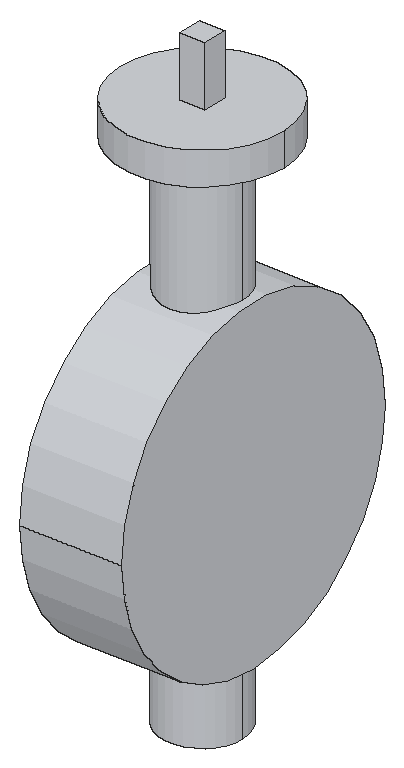
Revit family "HS497-68_disk-nerez_volné vřeteno DN125-RFA_2018", category Pipe Accessories, Revit 2018
Family settings
  Round Connector Dimension = Use Diameter
  Part Type = Valve - Breaks Into
  Work Plane-Based = No
  Always vertical = Yes
  Cut with Voids When Loaded = No
  Shared = No
Parameters (values of type "HS 497-68_DN125_PN16_volné vřeteno")
  magiProductId = "0d813d910fc14f628bb3c2efbd185c"
  magiProductFamilyId = "53cea81e6f374d17b8841d9c72ad77"
  magiPartTypeId = 305
  isMeasuringValve [instance] = no
  ang2D [instance] = 0.00°
  X11 = 61.456 mm
  X1 = 25.456 mm
  W2D = 1000 mm
  VersionID = "2.0/2017.9.26.1/ZETKAMA_497_001"
  Use Minimum Symbol Size [instance] = yes
  URL = "http://www.hydronic.cz"
  Type Comments = "mezipřírubová; nerezový disk; PN16; -10~+110°C (krátkodobě +120°C)"
  SW30 = no
  SW3 = no
  SW21 = no
  SW20 = no
  SW2 = no
  SW1 = yes
  R = 62.5 mm
  QmdConnectorList = "301;D;302;D"
  Productdata [instance] = ""
  NC = 50 mm
  Manufacturer = "Hydronic Systems Prague s.r.o."
  MM20 = 25.456 mm
  MC Product Code = "124 125 (nerezový disk, s volným vřetenem; DN125; PN16, kvs872)"
  M41 = 66 mm
  M4 = 44 mm
  LHL = 220 mm
  LHH3 = 2.45 mm
  LHH1 = 46.55 mm
  LH1 = 73.333 mm
  L4R__ve = -L4R  # -12.8 mm
  L4R = 12.8 mm
  L42__ve = -L42  # -96 mm
  L42 = 96 mm
  L41__ve = -L41  # -19.2 mm
  L41 = 19.2 mm
  L2D_Min = 3048 mm
  L2D = 216 mm
  L2 = 28 mm
  L1 = 44.8 mm
  L = 56 mm
  H = 33 mm
  G22 = 11.25 mm
  G2 = 22.5 mm
  G1 = 90 mm
  G = 90 mm
  F = 14 mm
  E44 = 31.25 mm
  E42 = 62.5 mm
  E4 = 125 mm
  E23 = 4.9 mm
  E22 = 19.6 mm
  E21 = 9.8 mm
  Description = "Mezipřírubová uzavírací klapka s volným vřetenem; nerezový disk, DN125; PN16; kvs872"
  DR2 = 62.5 mm
  DR = 180 mm
  DD1 = 15.625 mm
  DD = 12.5 mm
  D = 125 mm
  CAT0 = yes
  B2__ve = -B2  # -64 mm
  B2 = 64 mm
  A2 = 18 mm
  A1 = 99.5 mm
Types (43, lengths in mm): name | magiProductId | X11 | X1 | Type Comments | SW30 | SW3 | SW20 | SW2 | SW1 | R | NC | Manufacturer | MM20 | MC Product Code | M41 | M4 | LHL | LHH3 | LHH1 | LH1 | L4R__ve | L4R | L42__ve | L42 | L41__ve | L41 | L2 | L1 | L | H | G | F | E44 | E42 | E4 | E23 | E22 | E21 | Description | DR2 | DR | DD1 | DD | D | B2__ve | B2 | A2 | A1
  HS 497-68_DN100_PN16_volné vřeteno | "65d1b245f4f142c78569c0602d5754" | 61.456 | 25.456 | "mezipřírubová; nerezový disk; PN16; -10~+110°C (krátkodobě +120°C)" | no | no | no | no | yes | 50 | 50 | "Hydronic Systems Prague s.r.o." | 25.456 | "124 100 (nerezový disk, s volným vřetenem; DN100; PN16, kvs512)" | 66 | 44 | 220 | 2.45 | 46.55 | 73.333 | -12.8 | 12.8 | -96 | 96 | -19.2 | 19.2 | 26 | 41.6 | 52 | 30 | 90 | 11 | 31.25 | 62.5 | 125 | 4.9 | 19.6 | 9.8 | "Mezipřírubová uzavírací klapka s volným vřetenem; nerezový disk, DN100; PN16; kvs512" | 50 | 147 | 15.625 | 12.5 | 100 | -56 | 56 | 16.5 | 98.5
  HS 497-68_DN100_PN16_převodové kolo | "11e91b807e674d428c8e796fcdcfe2" | 61.456 | 25.456 | "mezipřírubová; nerezový disk; PN16; -10~+110°C (krátkodobě +120°C)" | yes | yes | no | no | no | 50 | 50 | "Hydronic Systems Prague s.r.o." | 25.456 | "126 100 (nerezový disk, s převodovým kolem; DN100; PN16, kvs512)" | 65.25 | 43.5 | 220 | 2.45 | 46.55 | 73.333 | -12.8 | 12.8 | -96 | 96 | -19.2 | 19.2 | 26 | 41.6 | 52 | 30 | 90 | 11 | 31.25 | 62.5 | 125 | 4.9 | 19.6 | 9.8 | "Mezipřírubová uzavírací klapka s převodovým kolem; nerezový disk, DN100; PN16; kvs512" | 50 | 147 | 15.625 | 12.5 | 100 | -56 | 56 | 16.5 | 98.5
  HS 497-68_DN100_PN16_s pákou | "28172f0b3f4b47b28323ac71cf8749" | 61.456 | 25.456 | "mezipřírubová; nerezový disk; PN16; -10~+110°C (krátkodobě +120°C)" | no | no | yes | yes | no | 50 | 50 | "Hydronic Systems Prague s.r.o." | 25.456 | "121 100 (nerezový disk, s pákou; DN100; PN16, kvs512)" | 66 | 44 | 260 | 3 | 57 | 86.667 | -12.8 | 12.8 | -96 | 96 | -19.2 | 19.2 | 26 | 41.6 | 52 | 30 | 90 | 11 | 31.25 | 62.5 | 125 | 6 | 24 | 12 | "Mezipřírubová uzavírací klapka s pákou; nerezový disk, DN100; PN16; kvs512" | 50 | 147 | 15.625 | 12.5 | 100 | -56 | 56 | 16.5 | 98.5
  HS 497-68_DN125_PN16_volné vřeteno | "0d813d910fc14f628bb3c2efbd185c" | 61.456 | 25.456 | "mezipřírubová; nerezový disk; PN16; -10~+110°C (krátkodobě +120°C)" | no | no | no | no | yes | 62.5 | 50 | "Hydronic Systems Prague s.r.o." | 25.456 | "124 125 (nerezový disk, s volným vřetenem; DN125; PN16, kvs872)" | 66 | 44 | 220 | 2.45 | 46.55 | 73.333 | -12.8 | 12.8 | -96 | 96 | -19.2 | 19.2 | 28 | 44.8 | 56 | 33 | 90 | 14 | 31.25 | 62.5 | 125 | 4.9 | 19.6 | 9.8 | "Mezipřírubová uzavírací klapka s volným vřetenem; nerezový disk, DN125; PN16; kvs872" | 62.5 | 180 | 15.625 | 12.5 | 125 | -64 | 64 | 18 | 99.5
  HS 497-68_DN125_PN16_převodové kolo | "c56b7c13f372467684996fb1e0e229" | 61.456 | 25.456 | "mezipřírubová; nerezový disk; PN16; -10~+110°C (krátkodobě +120°C)" | yes | yes | no | no | no | 62.5 | 50 | "Hydronic Systems Prague s.r.o." | 25.456 | "126125 (nerezový disk, s převodovým kolem; DN125; PN16, kvs872)" | 65.25 | 43.5 | 220 | 2.45 | 46.55 | 73.333 | -13.5 | 13.5 | -101.25 | 101.25 | -20.25 | 20.25 | 28 | 44.8 | 56 | 33 | 90 | 14 | 40 | 80 | 160 | 4.9 | 19.6 | 9.8 | "Mezipřírubová uzavírací klapka s převodovým kolem; nerezový disk, DN125; PN16; kvs872" | 62.5 | 180 | 20 | 16 | 125 | -64 | 64 | 18 | 99.5
  HS 497-68_DN125_PN16_s pákou | "105993c79a91492399feef7931321a" | 61.456 | 25.456 | "mezipřírubová; nerezový disk; PN16; -10~+110°C (krátkodobě +120°C)" | no | no | yes | yes | no | 62.5 | 50 | "Hydronic Systems Prague s.r.o." | 25.456 | "121 125 (nerezový disk, s pákou; DN125; PN16, kvs872)" | 66 | 44 | 315 | 3.75 | 71.25 | 105 | -12.8 | 12.8 | -96 | 96 | -19.2 | 19.2 | 28 | 44.8 | 56 | 33 | 90 | 14 | 31.25 | 62.5 | 125 | 7.5 | 30 | 15 | "Mezipřírubová uzavírací klapka s pákou; nerezový disk, DN125; PN16; kvs872" | 62.5 | 180 | 15.625 | 12.5 | 125 | -64 | 64 | 18 | 99.5
  HS 497-68_DN150_PN16_volné vřeteno | "50c80cb8ab434f55ab7796e5ac1331" | 61.456 | 25.456 | "mezipřírubová; nerezový disk; PN16; -10~+110°C (krátkodobě +120°C)" | no | no | no | no | yes | 75 | 50 | "Hydronic Systems Prague s.r.o." | 25.456 | "124 150 (nerezový disk, s volným vřetenem; DN150; PN16, kvs1347)" | 66 | 44 | 220 | 2.45 | 46.55 | 73.333 | -12.8 | 12.8 | -96 | 96 | -19.2 | 19.2 | 28 | 44.8 | 56 | 33 | 90 | 14 | 31.25 | 62.5 | 125 | 4.9 | 19.6 | 9.8 | "Mezipřírubová uzavírací klapka s volným vřetenem; nerezový disk, DN150; PN16; kvs1347" | 75 | 206 | 15.625 | 12.5 | 150 | -58 | 58 | 19.3 | 98.7
  HS 497-68_DN150_PN16_převodové kolo | "d94a1a0cf83b476eb10011b327f709" | 61.456 | 25.456 | "mezipřírubová; nerezový disk; PN16; -10~+110°C (krátkodobě +120°C)" | yes | yes | no | no | no | 75 | 50 | "Hydronic Systems Prague s.r.o." | 25.456 | "126 150 (nerezový disk, s převodovým kolem; DN150; PN16, kvs1347)" | 65.25 | 43.5 | 220 | 2.45 | 46.55 | 73.333 | -13.5 | 13.5 | -101.25 | 101.25 | -20.25 | 20.25 | 28 | 44.8 | 56 | 33 | 90 | 14 | 40 | 80 | 160 | 4.9 | 19.6 | 9.8 | "Mezipřírubová uzavírací klapka s převodovým kolem; nerezový disk, DN150; PN16; kvs1347" | 75 | 206 | 20 | 16 | 150 | -58 | 58 | 19.3 | 98.7
  HS 497-68_DN150_PN16_s pákou | "4d2835523fe84828bc50ff0a5a0dfb" | 61.456 | 25.456 | "mezipřírubová; nerezový disk; PN16; -10~+110°C (krátkodobě +120°C)" | no | no | yes | yes | no | 75 | 50 | "Hydronic Systems Prague s.r.o." | 25.456 | "121 150 (nerezový disk, s pákou; DN150; PN16, kvs1347)" | 66 | 44 | 315 | 3.75 | 71.25 | 105 | -12.8 | 12.8 | -96 | 96 | -19.2 | 19.2 | 28 | 44.8 | 56 | 33 | 90 | 14 | 31.25 | 62.5 | 125 | 7.5 | 30 | 15 | "Mezipřírubová uzavírací klapka s pákou; nerezový disk, DN150; PN16; kvs1347" | 75 | 206 | 15.625 | 12.5 | 150 | -58 | 58 | 19.3 | 98.7
  HS 497-68_DN200_PN16_volné vřeteno | "5b29029eaeba47139ee1055a4b9201" | 61.456 | 25.456 | "mezipřírubová; nerezový disk; PN16; -10~+110°C (krátkodobě +120°C)" | no | no | no | no | yes | 100 | 50 | "Hydronic Systems Prague s.r.o." | 25.456 | "124 200 (nerezový disk, s volným vřetenem; DN200; PN16, kvs2675)" | 66 | 44 | 220 | 2.45 | 46.55 | 73.333 | -12.8 | 12.8 | -96 | 96 | -19.2 | 19.2 | 30 | 48 | 60 | 33 | 90 | 17 | 31.25 | 62.5 | 125 | 4.9 | 19.6 | 9.8 | "Mezipřírubová uzavírací klapka s volným vřetenem; nerezový disk, DN200; PN16; kvs2675" | 100 | 257 | 15.625 | 12.5 | 200 | -70 | 70 | 22.5 | 102.5
  HS 497-68_DN200_PN16_převodové kolo | "b2793cc1fcc44cf2a35062cd67c04f" | 61.456 | 25.456 | "mezipřírubová; nerezový disk; PN16; -10~+110°C (krátkodobě +120°C)" | yes | yes | no | no | no | 100 | 57 | "Hydronic Systems Prague s.r.o." | 25.456 | "126 200 (nerezový disk, s převodovým kolem; DN200; PN16, kvs2675)" | 78.75 | 52.5 | 220 | 2.45 | 46.55 | 73.333 | -15.2 | 15.2 | -114 | 114 | -22.8 | 22.8 | 30 | 48 | 60 | 33 | 90 | 17 | 50 | 100 | 200 | 4.9 | 19.6 | 9.8 | "Mezipřírubová uzavírací klapka s převodovým kolem; nerezový disk, DN200; PN16; kvs2675" | 100 | 257 | 25 | 20 | 200 | -70 | 70 | 22.5 | 102.5
  HS 497-68_DN200_PN16_s pákou | "f88d96c7af224537a51e72d7d8fffe" | 61.456 | 25.456 | "mezipřírubová; nerezový disk; PN16; -10~+110°C (krátkodobě +120°C)" | no | no | yes | yes | no | 100 | 50 | "Hydronic Systems Prague s.r.o." | 25.456 | "121 200 (nerezový disk, s pákou; DN200; PN16, kvs2675)" | 66 | 44 | 315 | 3.75 | 71.25 | 105 | -12.8 | 12.8 | -96 | 96 | -19.2 | 19.2 | 30 | 48 | 60 | 33 | 90 | 17 | 31.25 | 62.5 | 125 | 7.5 | 30 | 15 | "Mezipřírubová uzavírací klapka s pákou; nerezový disk, DN200; PN16; kvs2675" | 100 | 257 | 15.625 | 12.5 | 200 | -70 | 70 | 22.5 | 102.5
  HS 497-68_DN250_PN16_volné vřeteno | "b662e8305ca2402b9c510e66e6aa55" | 88.77 | 36.77 | "mezipřírubová; nerezový disk; PN16; -10~+110°C (krátkodobě +120°C)" | no | no | no | no | yes | 125 | 50 | "Hydronic Systems Prague s.r.o." | 36.77 | "124 250 (nerezový disk, s volným vřetenem; DN250; PN16, kvs4555)" | 66 | 44 | 220 | 2.45 | 46.55 | 73.333 | -12.8 | 12.8 | -96 | 96 | -19.2 | 19.2 | 34 | 54.4 | 68 | 23 | 130 | 22 | 31.25 | 62.5 | 125 | 4.9 | 19.6 | 9.8 | "Mezipřírubová uzavírací klapka s volným vřetenem; nerezový disk, DN250; PN16; kvs4555" | 125 | 324 | 15.625 | 12.5 | 250 | -85 | 85 | 28.25 | 129.25
  HS 497-68_DN250_PN16_převodové kolo | "5ee9016806664ddfaa2632711f295c" | 88.77 | 36.77 | "mezipřírubová; nerezový disk; PN16; -10~+110°C (krátkodobě +120°C)" | yes | yes | no | no | no | 125 | 70 | "Hydronic Systems Prague s.r.o." | 36.77 | "126 250 (nerezový disk, s převodovým kolem; DN250; PN16, kvs4555)" | 91.5 | 61 | 220 | 2.45 | 46.55 | 73.333 | -22.2 | 22.2 | -166.5 | 166.5 | -33.3 | 33.3 | 34 | 54.4 | 68 | 23 | 130 | 22 | 62.5 | 125 | 250 | 4.9 | 19.6 | 9.8 | "Mezipřírubová uzavírací klapka s převodovým kolem; nerezový disk, DN250; PN16; kvs4555" | 125 | 324 | 31.25 | 25 | 250 | -85 | 85 | 28.25 | 129.25
  HS 497-68_DN300_PN16_volné vřeteno | "e1886f51ff004380a649519258edf2" | 88.77 | 36.77 | "mezipřírubová; nerezový disk; PN16; -10~+110°C (krátkodobě +120°C)" | no | no | no | no | yes | 150 | 50 | "Hydronic Systems Prague s.r.o." | 36.77 | "124 300 (nerezový disk, s volným vřetenem; DN300; PN16, kvs7037)" | 66 | 44 | 220 | 2.45 | 46.55 | 73.333 | -12.8 | 12.8 | -96 | 96 | -19.2 | 19.2 | 39 | 62.4 | 78 | 23 | 130 | 22 | 31.25 | 62.5 | 125 | 4.9 | 19.6 | 9.8 | "Mezipřírubová uzavírací klapka s volným vřetenem; nerezový disk, DN300; PN16; kvs7037" | 150 | 376 | 15.625 | 12.5 | 300 | -90 | 90 | 30.8 | 127.2
  HS 497-68_DN300_PN16_převodové kolo | "6860f094f77d42088fbebc3c97f755" | 88.77 | 36.77 | "mezipřírubová; nerezový disk; PN16; -10~+110°C (krátkodobě +120°C)" | yes | yes | no | no | no | 150 | 70 | "Hydronic Systems Prague s.r.o." | 36.77 | "126 300 (nerezový disk, s převodovým kolem; DN300; PN16, kvs7037)" | 91.5 | 61 | 220 | 2.45 | 46.55 | 73.333 | -22.2 | 22.2 | -166.5 | 166.5 | -33.3 | 33.3 | 39 | 62.4 | 78 | 23 | 130 | 22 | 62.5 | 125 | 250 | 4.9 | 19.6 | 9.8 | "Mezipřírubová uzavírací klapka s převodovým kolem; nerezový disk, DN300; PN16; kvs7037" | 150 | 376 | 31.25 | 25 | 300 | -90 | 90 | 30.8 | 127.2
  HS 497-68_DN032_PN16_volné vřeteno | "8c5f65de52aa4067a77564107e31b2" | 61.456 | 25.456 | "mezipřírubová; nerezový disk; PN16; -10~+110°C (krátkodobě +120°C)" | no | no | no | no | yes | 16 | 50 | "Hydronic Systems Prague s.r.o." | 25.456 | "124 032 (nerezový disk, s volným vřetenem; DN32; PN16, kvs78)" | 66 | 44 | 220 | 2.45 | 46.55 | 73.333 | -12.8 | 12.8 | -96 | 96 | -19.2 | 19.2 | 16.5 | 26.4 | 33 | 30 | 90 | 11 | 31.25 | 62.5 | 125 | 4.9 | 19.6 | 9.8 | "Mezipřírubová uzavírací klapka s volným vřetenem; nerezový disk, DN32; PN16; kvs78" | 16 | 68 | 15.625 | 12.5 | 32 | -44.2 | 44.2 | 10.25 | 76.25
  HS 497-68_DN032_PN16_převodové kolo | "60aaeffa8b3a4e809ef000e4660060" | 61.456 | 25.456 | "mezipřírubová; nerezový disk; PN16; -10~+110°C (krátkodobě +120°C)" | yes | yes | no | no | no | 16 | 50 | "Hydronic Systems Prague s.r.o." | 25.456 | "126 032 (nerezový disk, s převodovým kolem; DN32; PN16, kvs78)" | 65.25 | 43.5 | 220 | 2.45 | 46.55 | 73.333 | -12.8 | 12.8 | -96 | 96 | -19.2 | 19.2 | 16.5 | 26.4 | 33 | 30 | 90 | 11 | 31.25 | 62.5 | 125 | 4.9 | 19.6 | 9.8 | "Mezipřírubová uzavírací klapka s převodovým kolem; nerezový disk, DN32; PN16; kvs78" | 16 | 68 | 15.625 | 12.5 | 32 | -44.2 | 44.2 | 10.25 | 76.25
  HS 497-68_DN032_PN16_s pákou | "9ad8088d610749a1b871aa2aad8007" | 61.456 | 25.456 | "mezipřírubová; nerezový disk; PN16; -10~+110°C (krátkodobě +120°C)" | no | no | yes | yes | no | 16 | 50 | "Hydronic Systems Prague s.r.o." | 25.456 | "121 032 (nerezový disk, s pákou; DN32; PN16, kvs78)" | 66 | 44 | 220 | 2.45 | 46.55 | 73.333 | -12.8 | 12.8 | -96 | 96 | -19.2 | 19.2 | 16.5 | 26.4 | 33 | 30 | 90 | 11 | 31.25 | 62.5 | 125 | 4.9 | 19.6 | 9.8 | "Mezipřírubová uzavírací klapka s pákou; nerezový disk, DN32; PN16; kvs78" | 16 | 68 | 15.625 | 12.5 | 32 | -44.2 | 44.2 | 10.25 | 76.25
  HS 497-68_DN350_PN10_volné vřeteno | "72a1e05f22944421b7e9596a877137" | 109.255 | 45.255 | "mezipřírubová; nerezový disk; PN10; -10~+110°C (krátkodobě +120°C)" | no | no | no | no | yes | 175 | 50 | "Hydronic Systems Prague s.r.o." | 45.255 | "124 350 (nerezový disk, s volným vřetenem; DN350; PN10, kvs10165)" | 66 | 44 | 220 | 2.45 | 46.55 | 73.333 | -12.8 | 12.8 | -96 | 96 | -19.2 | 19.2 | 39 | 62.4 | 78 | 31 | 160 | 22 | 31.25 | 62.5 | 125 | 4.9 | 19.6 | 9.8 | "Mezipřírubová uzavírací klapka s volným vřetenem; nerezový disk, DN350; PN10; kvs10165" | 175 | 430 | 15.625 | 12.5 | 350 | -88 | 88 | 33.85 | 129.65
  HS 497-68_DN350_PN10_převodové kolo | "a5a01426cb28494ba3afca92f1dace" | 109.255 | 45.255 | "mezipřírubová; nerezový disk; PN10; -10~+110°C (krátkodobě +120°C)" | yes | yes | no | no | no | 175 | 70 | "Hydronic Systems Prague s.r.o." | 45.255 | "126 350 (nerezový disk, s převodovým kolem; DN350; PN10, kvs10165)" | 91.5 | 61 | 220 | 2.45 | 46.55 | 73.333 | -22.2 | 22.2 | -166.5 | 166.5 | -33.3 | 33.3 | 39 | 62.4 | 78 | 31 | 160 | 22 | 62.5 | 125 | 250 | 4.9 | 19.6 | 9.8 | "Mezipřírubová uzavírací klapka s převodovým kolem; nerezový disk, DN350; PN10; kvs10165" | 175 | 430 | 31.25 | 25 | 350 | -88 | 88 | 33.85 | 129.65
  HS 497-68_DN400_PN10_volné vřeteno | "c70ebeb927c04ab99b176e257ad0a7" | 109.255 | 45.255 | "mezipřírubová; nerezový disk; PN10; -10~+110°C (krátkodobě +120°C)" | no | no | no | no | yes | 200 | 50 | "Hydronic Systems Prague s.r.o." | 45.255 | "124 400 (nerezový disk, s volným vřetenem; DN400; PN10, kvs13799)" | 66 | 44 | 220 | 2.45 | 46.55 | 73.333 | -12.8 | 12.8 | -96 | 96 | -19.2 | 19.2 | 51 | 81.6 | 102 | 31 | 160 | 27 | 31.25 | 62.5 | 125 | 4.9 | 19.6 | 9.8 | "Mezipřírubová uzavírací klapka s volným vřetenem; nerezový disk, DN400; PN10; kvs13799" | 200 | 485 | 15.625 | 12.5 | 400 | -108 | 108 | 38 | 142
  HS 497-68_DN400_PN10_převodové kolo | "cc64a4384dcb41b780d81810f4f293" | 109.255 | 45.255 | "mezipřírubová; nerezový disk; PN10; -10~+110°C (krátkodobě +120°C)" | yes | yes | no | no | no | 200 | 72.5 | "Hydronic Systems Prague s.r.o." | 45.255 | "126 400 (nerezový disk, s převodovým kolem; DN400; PN10, kvs13799)" | 103.5 | 69 | 220 | 2.45 | 46.55 | 73.333 | -27.8 | 27.8 | -208.5 | 208.5 | -41.7 | 41.7 | 51 | 81.6 | 102 | 31 | 160 | 27 | 75 | 150 | 300 | 4.9 | 19.6 | 9.8 | "Mezipřírubová uzavírací klapka s převodovým kolem; nerezový disk, DN400; PN10; kvs13799" | 200 | 485 | 37.5 | 30 | 400 | -108 | 108 | 38 | 142
  HS 497-68_DN040_PN16_volné vřeteno | "35f92312390745e88df5b5c325d9ee" | 61.456 | 25.456 | "mezipřírubová; nerezový disk; PN16; -10~+110°C (krátkodobě +120°C)" | no | no | no | no | yes | 20 | 50 | "Hydronic Systems Prague s.r.o." | 25.456 | "124 040 (nerezový disk, s volným vřetenem; DN40; PN16, kvs78)" | 66 | 44 | 220 | 2.45 | 46.55 | 73.333 | -12.8 | 12.8 | -96 | 96 | -19.2 | 19.2 | 16.5 | 26.4 | 33 | 30 | 90 | 11 | 31.25 | 62.5 | 125 | 4.9 | 19.6 | 9.8 | "Mezipřírubová uzavírací klapka s volným vřetenem; nerezový disk, DN40; PN16; kvs78" | 20 | 76 | 15.625 | 12.5 | 40 | -36 | 36 | 11 | 79
  HS 497-68_DN040_PN16_převodové kolo | "d88e968eae3445bc9b7b4e6ff35127" | 61.456 | 25.456 | "mezipřírubová; nerezový disk; PN16; -10~+110°C (krátkodobě +120°C)" | yes | yes | no | no | no | 20 | 50 | "Hydronic Systems Prague s.r.o." | 25.456 | "126 040 (nerezový disk, s převodovým kolem; DN40; PN16, kvs78)" | 65.25 | 43.5 | 220 | 2.45 | 46.55 | 73.333 | -12.8 | 12.8 | -96 | 96 | -19.2 | 19.2 | 16.5 | 26.4 | 33 | 30 | 90 | 11 | 31.25 | 62.5 | 125 | 4.9 | 19.6 | 9.8 | "Mezipřírubová uzavírací klapka s převodovým kolem; nerezový disk, DN40; PN16; kvs78" | 20 | 76 | 15.625 | 12.5 | 40 | -36 | 36 | 11 | 79
  HS 497-68_DN040_PN16_s pákou | "c1b522ca65b4407a98818f232eaacb" | 61.456 | 25.456 | "mezipřírubová; nerezový disk; PN16; -10~+110°C (krátkodobě +120°C)" | no | no | yes | yes | no | 20 | 50 | "Hydronic Systems Prague s.r.o." | 25.456 | "121 040 (nerezový disk, s pákou; DN40; PN16, kvs78)" | 66 | 44 | 220 | 2.45 | 46.55 | 73.333 | -12.8 | 12.8 | -96 | 96 | -19.2 | 19.2 | 16.5 | 26.4 | 33 | 30 | 90 | 11 | 31.25 | 62.5 | 125 | 4.9 | 19.6 | 9.8 | "Mezipřírubová uzavírací klapka s pákou; nerezový disk, DN40; PN16; kvs78" | 20 | 76 | 15.625 | 12.5 | 40 | -36 | 36 | 11 | 79
  HS 497-68_DN450_PN10_volné vřeteno | "a8358bc282f14872b3194e530e590a" | 129.74 | 53.74 | "mezipřírubová; nerezový disk; PN10; -10~+110°C (krátkodobě +120°C)" | no | no | no | no | yes | 225 | 50 | "Hydronic Systems Prague s.r.o." | 53.74 | "124 450 (nerezový disk, s volným vřetenem; DN450; PN10, kvs18514)" | 66 | 44 | 220 | 2.45 | 46.55 | 73.333 | -12.8 | 12.8 | -96 | 96 | -19.2 | 19.2 | 57 | 91.2 | 114 | 38 | 190 | 36 | 31.25 | 62.5 | 125 | 4.9 | 19.6 | 9.8 | "Mezipřírubová uzavírací klapka s volným vřetenem; nerezový, DN450; PN10; kvs18514" | 225 | 536 | 15.625 | 12.5 | 450 | -115 | 115 | 38.05 | 117.45
  HS 497-68_DN450_PN10_převodové kolo | "cdf2d80f54a9414f9cbe50647c0ebd" | 129.74 | 53.74 | "mezipřírubová; nerezový disk; PN10; -10~+110°C (krátkodobě +120°C)" | yes | yes | no | no | no | 225 | 91.5 | "Zetkama" | 53.74 | "126 450 (nerezový disk, s převodovým kolem; DN450; PN10, kvs18514)" | 144.75 | 96.5 | 220 | 2.45 | 46.55 | 73.333 | -32.1 | 32.1 | -240.75 | 240.75 | -48.15 | 48.15 | 57 | 91.2 | 114 | 38 | 190 | 36 | 100 | 200 | 400 | 4.9 | 19.6 | 9.8 | "Mezipřírubová uzavírací klapka s převodovým kolem; nerezový disk, DN450; PN10; kvs18514" | 225 | 536 | 50 | 40 | 450 | -115 | 115 | 38.05 | 117.45
  HS 497-68_DN500_PN10_volné vřeteno | "8c396e27bb2743f98f3c762b6517cd" | 143.397 | 59.397 | "mezipřírubová; nerezový disk; PN10; -10~+110°C (krátkodobě +120°C)" | no | no | no | no | yes | 250 | 50 | "Hydronic Systems Prague s.r.o." | 59.397 | "124 500 (nerezový disk, s volným vřetenem; DN500; PN10, kvs23805)" | 66 | 44 | 220 | 2.45 | 46.55 | 73.333 | -12.8 | 12.8 | -96 | 96 | -19.2 | 19.2 | 63.5 | 101.6 | 127 | 38 | 210 | 36 | 31.25 | 62.5 | 125 | 4.9 | 19.6 | 9.8 | "Mezipřírubová uzavírací klapka s volným vřetenem; nerezový disk, DN500; PN10; kvs23805" | 250 | 593 | 15.625 | 12.5 | 500 | -130 | 130 | 43.25 | 139.25
  HS 497-68_DN500_PN10_převodové kolo | "7647804f32e94cef828a7034a91a46" | 143.397 | 59.397 | "mezipřírubová; nerezový disk; PN10; -10~+110°C (krátkodobě +120°C)" | yes | yes | no | no | no | 250 | 91.5 | "Zetkama" | 59.397 | "126 500 (nerezový disk, s převodovým kolem; DN500; PN10, kvs23805)" | 144.75 | 96.5 | 220 | 2.45 | 46.55 | 73.333 | -32.1 | 32.1 | -240.75 | 240.75 | -48.15 | 48.15 | 63.5 | 101.6 | 127 | 38 | 210 | 36 | 100 | 200 | 400 | 4.9 | 19.6 | 9.8 | "Mezipřírubová uzavírací klapka s převodovým kolem; nerezový disk, DN500; PN10; kvs23805" | 250 | 593 | 50 | 40 | 500 | -130 | 130 | 43.25 | 139.25
  HS 497-68_DN050_volné vřeteno | "d71f296ecd6d4adf8f6e5d9853b4e0" | 61.456 | 25.456 | "mezipřírubová; nerezový disk; PN16; -10~+110°C (krátkodobě +120°C)" | no | no | no | no | yes | 25 | 50 | "Hydronic Systems Prague s.r.o." | 25.456 | "124 050 (nerezový disk, s volným vřetenem; DN50; PN16, kvs98)" | 66 | 44 | 220 | 2.45 | 46.55 | 73.333 | -12.8 | 12.8 | -96 | 96 | -19.2 | 19.2 | 21.5 | 34.4 | 43 | 30 | 90 | 11 | 31.25 | 62.5 | 125 | 4.9 | 19.6 | 9.8 | "Mezipřírubová uzavírací klapka s volným vřetenem; nerezový disk, DN50; PN16; kvs98" | 25 | 100 | 15.625 | 12.5 | 50 | -36.5 | 36.5 | 12 | 83
  HS 497-68_DN050_PN16_převodové kolo | "2fb080deeaed49c58418b94c1da5a4" | 61.456 | 25.456 | "mezipřírubová; nerezový disk; PN16; -10~+110°C (krátkodobě +120°C)" | yes | yes | no | no | no | 25 | 50 | "Hydronic Systems Prague s.r.o." | 25.456 | "126 050 (nerezový disk, s převodovým kolem; DN50; PN16, kvs98)" | 65.25 | 43.5 | 220 | 2.45 | 46.55 | 73.333 | -12.8 | 12.8 | -96 | 96 | -19.2 | 19.2 | 21.5 | 34.4 | 43 | 30 | 90 | 11 | 31.25 | 62.5 | 125 | 4.9 | 19.6 | 9.8 | "Mezipřírubová uzavírací klapka s převodovým kolem; nerezový disk, DN50; PN16; kvs98" | 25 | 100 | 15.625 | 12.5 | 50 | -36.5 | 36.5 | 12 | 83
  HS 497-68_DN050_PN16_s pákou | "dabc632061f94877a994b9b4e68112" | 61.456 | 25.456 | "mezipřírubová; nerezový disk; PN16; -10~+110°C (krátkodobě +120°C)" | no | no | yes | yes | no | 25 | 50 | "Hydronic Systems Prague s.r.o." | 25.456 | "121 050 (nerezový disk, s pákou; DN50; PN16, kvs98)" | 66 | 44 | 220 | 2.45 | 46.55 | 73.333 | -12.8 | 12.8 | -96 | 96 | -19.2 | 19.2 | 21.5 | 34.4 | 43 | 30 | 90 | 11 | 31.25 | 62.5 | 125 | 4.9 | 19.6 | 9.8 | "Mezipřírubová uzavírací klapka s pákou; nerezový disk, DN50; PN16; kvs98" | 25 | 100 | 15.625 | 12.5 | 50 | -36.5 | 36.5 | 12 | 83
  HS 497-68_DN600_PN10_volné vřeteno | "99d5892c14664fce81a7c5903f7711" | 143.397 | 59.397 | "mezipřírubová; nerezový disk; PN10; -10~+110°C (krátkodobě +120°C)" | no | no | no | no | yes | 300 | 50 | "Hydronic Systems Prague s.r.o." | 59.397 | "124 600 (nerezový disk, s volným vřetenem; DN600; PN10, kvs36778)" | 66 | 44 | 220 | 2.45 | 46.55 | 73.333 | -12.8 | 12.8 | -96 | 96 | -19.2 | 19.2 | 77 | 123.2 | 154 | 80 | 210 | 60 | 31.25 | 62.5 | 125 | 4.9 | 19.6 | 9.8 | "Mezipřírubová uzavírací klapka s volným vřetenem; nerezový disk, DN600; PN10; kvs36788" | 300 | 690 | 15.625 | 12.5 | 600 | -140 | 140 | 49.4 | 144.6
  HS 497-68_DN600_PN10_převodové kolo | "b1e26faab48a4c499f6bb11e7e3002" | 143.397 | 59.397 | "mezipřírubová; lnerezový disk; PN10; -10~+110°C (krátkodobě +120°C)" | yes | yes | no | no | no | 300 | 140 | "Hydronic Systems Prague s.r.o." | 59.397 | "126 600 (nerezový disk, s převodovým kolem; DN600; PN10, kvs36778)" | 206.25 | 137.5 | 220 | 2.45 | 46.55 | 73.333 | -40.8 | 40.8 | -306 | 306 | -61.2 | 61.2 | 77 | 123.2 | 154 | 80 | 210 | 60 | 125 | 250 | 500 | 4.9 | 19.6 | 9.8 | "Mezipřírubová uzavírací klapka s převodovým kolem; nerezový disk, DN600; PN10; kvs36788" | 300 | 690 | 62.5 | 50 | 600 | -140 | 140 | 49.4 | 144.6
  HS 497-68_DN065_PN16_volné vřeteno | "5e5e208646e34ec29f889baab5d08e" | 61.456 | 25.456 | "mezipřírubová; lnerezový disk; PN16; -10~+110°C (krátkodobě +120°C)" | no | no | no | no | yes | 32.5 | 50 | "Hydronic Systems Prague s.r.o." | 25.456 | "124 065 (nerezový disk, s volným vřetenem; DN65; PN16, kvs167)" | 66 | 44 | 220 | 2.45 | 46.55 | 73.333 | -12.8 | 12.8 | -96 | 96 | -19.2 | 19.2 | 23 | 36.8 | 46 | 30 | 90 | 11 | 31.25 | 62.5 | 125 | 4.9 | 19.6 | 9.8 | "Mezipřírubová uzavírací klapka s volným vřetenem; nerezový disk, DN65; PN16; kv167" | 32.5 | 108 | 15.625 | 12.5 | 65 | -36.5 | 36.5 | 13.5 | 89
  HS 497-68_DN065_PN16_převodové kolo | "654d74c8d15540b0bfe523d988ccb3" | 61.456 | 25.456 | "mezipřírubová; nerezový disk; PN16; -10~+110°C (krátkodobě +120°C)" | yes | yes | no | no | no | 32.5 | 50 | "Hydronic Systems Prague s.r.o." | 25.456 | "126 065 (nerezový disk, s převodovým kolem; DN65; PN16, kvs167)" | 65.25 | 43.5 | 220 | 2.45 | 46.55 | 73.333 | -12.8 | 12.8 | -96 | 96 | -19.2 | 19.2 | 23 | 36.8 | 46 | 30 | 90 | 11 | 31.25 | 62.5 | 125 | 4.9 | 19.6 | 9.8 | "Mezipřírubová uzavírací klapka s převodovým kolem; nerezový disk, DN65; PN16; kvs167" | 32.5 | 108 | 15.625 | 12.5 | 65 | -36.5 | 36.5 | 13.5 | 89
  HS 497-68_DN065_PN16_s pákou | "ebeb4b59db0641caaf6d6635ab37b9" | 61.456 | 25.456 | "mezipřírubová; nerezový disk; PN16; -10~+110°C (krátkodobě +120°C)" | no | no | yes | yes | no | 32.5 | 50 | "Hydronic Systems Prague s.r.o." | 25.456 | "121 065 (nerezový disk, s pákou; DN65; PN16, kvs167)" | 66 | 44 | 220 | 2.45 | 46.55 | 73.333 | -12.8 | 12.8 | -96 | 96 | -19.2 | 19.2 | 23 | 36.8 | 46 | 30 | 90 | 11 | 31.25 | 62.5 | 125 | 4.9 | 19.6 | 9.8 | "Mezipřírubová uzavírací klapka s pákou; nerezový disk, DN65; PN16; kvs167" | 32.5 | 108 | 15.625 | 12.5 | 65 | -36.5 | 36.5 | 13.5 | 89
  HS 497-68_DN080_PN16_volné vřeteno | "9e85c75c18654e1185a9c48ed6b00e" | 61.456 | 25.456 | "mezipřírubová; nerezový disk; PN16; -10~+110°C (krátkodobě +120°C)" | no | no | no | no | yes | 40 | 50 | "Hydronic Systems Prague s.r.o." | 25.456 | "124 080 (nerezový disk, s volným vřetenem; DN80; PN16, kvs258)" | 66 | 44 | 220 | 2.45 | 46.55 | 73.333 | -12.8 | 12.8 | -96 | 96 | -19.2 | 19.2 | 23 | 36.8 | 46 | 30 | 90 | 11 | 31.25 | 62.5 | 125 | 4.9 | 19.6 | 9.8 | "Mezipřírubová uzavírací klapka s volným vřetenem; nerezový disk, DN80; PN16; kvs258" | 40 | 124 | 15.625 | 12.5 | 80 | -54 | 54 | 14.1 | 86.9
  HS 497-68_DN080_PN16_převodové kolo | "5b3c8238c3d041e68c75b199e7ea46" | 61.456 | 25.456 | "mezipřírubová; nerezový disk; PN16; -10~+110°C (krátkodobě +120°C)" | yes | yes | no | no | no | 40 | 50 | "Hydronic Systems Prague s.r.o." | 25.456 | "126 080 (nerezový disk, s převodovým kolem; DN80; PN16, kvs258)" | 65.25 | 43.5 | 220 | 2.45 | 46.55 | 73.333 | -12.8 | 12.8 | -96 | 96 | -19.2 | 19.2 | 23 | 36.8 | 46 | 30 | 90 | 11 | 31.25 | 62.5 | 125 | 4.9 | 19.6 | 9.8 | "Mezipřírubová uzavírací klapka s převodovým kolem; nerezový disk, DN80; PN16; kvs258" | 40 | 124 | 15.625 | 12.5 | 80 | -54 | 54 | 14.1 | 86.9
  HS 497-68_DN080_PN16_s pákou | "e414795fab0f4eccb99bc3572c5477" | 61.456 | 25.456 | "mezipřírubová; nerezový disk; PN16; -10~+110°C (krátkodobě +120°C)" | no | no | yes | yes | no | 40 | 50 | "Hydronic Systems Prague s.r.o." | 25.456 | "121 080 (nerezový disk, s pákou; DN80; PN16, kvs258)" | 66 | 44 | 260 | 3 | 57 | 86.667 | -12.8 | 12.8 | -96 | 96 | -19.2 | 19.2 | 23 | 36.8 | 46 | 30 | 90 | 11 | 31.25 | 62.5 | 125 | 6 | 24 | 12 | "Mezipřírubová uzavírací klapka s pákou; nerezový disk, DN80; PN16; kvs258" | 40 | 124 | 15.625 | 12.5 | 80 | -54 | 54 | 14.1 | 86.9
  HS 497-68_DN250_PN16_s pákou | "" | 88.77 | 36.77 | "mezipřírubová; nerezový disk; PN16; -10~+110°C (krátkodobě +120°C)" | no | no | yes | yes | no | 125 | 70 | "Hydronic Systems Prague s.r.o." | 36.77 | "121 250 (nerezový disk, s ákou; DN250; PN16, kvs4555)" | 91.5 | 61 | 220 | 2.45 | 46.55 | 73.333 | -22.2 | 22.2 | -166.5 | 166.5 | -33.3 | 33.3 | 34 | 54.4 | 68 | 23 | 130 | 22 | 62.5 | 125 | 250 | 4.9 | 19.6 | 9.8 | "Mezipřírubová uzavírací klapka s pákou; nerezový disk, DN250; PN16; kvs4555" | 125 | 324 | 31.25 | 25 | 250 | -85 | 85 | 28.25 | 129.25
  HS 497-68_DN300_PN16_s pákou | "" | 88.77 | 36.77 | "mezipřírubová; nerezový disk; PN16; -10~+110°C (krátkodobě +120°C)" | no | no | yes | yes | no | 150 | 70 | "Hydronic Systems Prague s.r.o." | 36.77 | "121 300 (nerezový disk, s pákou; DN300; PN16, kvs7037)" | 91.5 | 61 | 220 | 2.45 | 46.55 | 73.333 | -22.2 | 22.2 | -166.5 | 166.5 | -33.3 | 33.3 | 39 | 62.4 | 78 | 23 | 130 | 22 | 62.5 | 125 | 250 | 4.9 | 19.6 | 9.8 | "Mezipřírubová uzavírací klapka s pákou; nerezový disk, DN300; PN16; kvs7037" | 150 | 376 | 31.25 | 25 | 300 | -90 | 90 | 30.8 | 127.2
Reference planes
  plane 1 "Center (Front/Back)": y = 0
  plane 2 "XYPLANE": z = 0
  plane 3 "Center (Left/Right)": x = 0
  plane 4 "473": x = -25.456
  plane 5 "472": x = -66
  plane 6 "471": y = -25.456
  plane 7 "470": y = 25.456
  plane 8 "469": x = -44
  plane 9 "468": y = -115.2
  plane 10 "467": y = -96
  plane 11 "466": z = 211.25
  plane 12 "465": z = 226.55
  plane 13 "464": y = 145.417
  plane 14 "463": z = 216.75
  plane 15 "462": z = 199.6
  plane 16 "461": z = 209.4
  plane 17 "460": y = 72.083
  plane 18 "459": x = -11.25
  plane 19 "458": x = 11.25
  plane 20 "457": y = -6.25
  plane 21 "456": x = -17.5
  plane 22 "455": x = 17.5
  plane 23 "454": z = 214.3
  plane 24 "453": y = 62.083
  plane 25 "452": y = -11.25
  plane 26 "451": x = -22.5
  plane 27 "450": x = 22.5
  plane 28 "449": z = 194.7
  plane 29 "448": z = 189.8
  plane 30 "447": z = -62.5
  plane 31 "446": z = 180
  plane 32 "445": z = 162
  plane 33 "444": z = 62.5
  plane 34 "443": x = 28
  plane 35 "442": x = -28
  plane 36 "441": z = 0
  plane 37 "440": y = 0
  plane 38 "439": x = 0
  plane 39 "438": z = 229
  plane 40 "437": z = 214.3
  plane 41 "436": x = 13.7
  plane 42 "435": x = -13.7
  plane 43 "434": y = 220
Forms (mm)
  Extrusion 1, solid, visible <- "SW3"
    sketch origin (-750, 0, 180) x (1, 0, 0) y (0, 1, 0)
      loop
        line (684, 25.456) -> (684, -25.456) -> (724.544, -25.456)
        arc (724.544, -25.456) -> (786, 0) -> (724.544, 25.456) r 36
        line (724.544, 25.456) -> (684, 25.456)
    from 0 to 62.5 <- "E42"
  Extrusion 2, solid, visible <- "SW30"
    sketch origin (0, -750, 0) x (0, 1, 0) y (0, 0, 1)
      loop
        circle (750, 211.25) r 7.813
    from 0 to 50 <- "NC"
  Extrusion 3, solid, visible <- "SW30"
    sketch origin (750, -115.2, 0) x (-1, 0, 0) y (0, 0, 1)
      loop
        circle (794, 211.25) r 62.5
    from 0 to -12.8 <- "L4R__ve"
  Extrusion 4, solid, visible <- "SW3"
    sketch origin (750, -96, 0) x (-1, 0, 0) y (0, 0, 1)
      loop
        circle (794, 211.25) r 7.813
    from 0 to -19.2 <- "L41__ve"
  Extrusion 5, solid, visible <- "SW30"
    sketch origin (750, 0, 0) x (-1, 0, 0) y (0, 0, 1)
      loop
        circle (794, 211.25) r 6.25
    from 0 to -96 <- "L42__ve"
  Blend 6, solid, visible <- "SW21"
    base sketch origin (750, 72.083, 0) x (-1, 0, 0) y (0, 0, 1)
      loop
        line (761.25, 209.4) -> (738.75, 209.4) -> (738.75, 199.6) -> (761.25, 199.6) -> (761.25, 209.4)
    top sketch origin (750, 72.083, 0) x (-1, 0, 0) y (0, 0, 1)
      loop
        line (761.25, 226.55) -> (738.75, 226.55) -> (738.75, 216.75) -> (761.25, 216.75) -> (761.25, 226.55)
    from 0 to 73.333
  Blend 7, solid, visible <- "SW21"
    base sketch origin (750, 62.083, 0) x (-1, 0, 0) y (0, 0, 1)
      loop
        line (761.25, 214.3) -> (738.75, 214.3) -> (738.75, 194.7) -> (761.25, 194.7) -> (761.25, 214.3)
    top sketch origin (750, 62.083, 0) x (-1, 0, 0) y (0, 0, 1)
      loop
        line (761.25, 209.4) -> (738.75, 209.4) -> (738.75, 199.6) -> (761.25, 199.6) -> (761.25, 209.4)
    from 0 to 10
  Blend 8, solid, visible <- "SW21"
    base sketch origin (-750, 0, 194.7) x (1, 0, 0) y (0, 1, 0)
      loop
        line (772.5, 62.083) -> (727.5, 62.083) -> (727.5, -11.25)
        arc (727.5, -11.25) -> (750, -31.25) -> (772.5, -11.25) r 22.656
        line (772.5, -11.25) -> (772.5, 62.083)
    top sketch origin (-750, 0, 194.7) x (1, 0, 0) y (0, 1, 0)
      loop
        line (767.5, 62.083) -> (732.5, 62.083) -> (732.5, -6.25)
        arc (732.5, -6.25) -> (750, -26.25) -> (767.5, -6.25) r 17.656
        line (767.5, -6.25) -> (767.5, 62.083)
    from 0 to 19.6
  Extrusion 9, solid, visible <- "SW2"
    sketch origin (-750, 0, 189.8) x (1, 0, 0) y (0, 1, 0)
      loop
        circle (750, 0) r 11.25
    from 0 to 4.9 <- "E23"
  Extrusion 10, solid, visible <- "SW2"
    sketch origin (-750, 0, 180) x (1, 0, 0) y (0, 1, 0)
      loop
        circle (750, 0) r 45
    from 0 to 9.8 <- "E21"
  Extrusion 11, solid, visible <- "CAT0"
    sketch origin (-750, 0, -62.5) x (1, 0, 0) y (0, 1, 0)
      loop
        circle (750, 0) r 22.4
    from 0 to -64 <- "B2__ve"
  Extrusion 12, solid, visible <- "CAT0"
    sketch origin (-750, 0, 162) x (1, 0, 0) y (0, 1, 0)
      loop
        circle (750, 0) r 45
    from 0 to 18 <- "A2"
  Extrusion 13, solid, visible <- "CAT0"
    sketch origin (-750, 0, 62.5) x (1, 0, 0) y (0, 1, 0)
      loop
        circle (750, 0) r 22.4
    from 0 to 99.5 <- "A1"
  Extrusion 14, solid, visible <- "CAT0"
    sketch origin (-28, -750, 0) x (0, 1, 0) y (0, 0, 1)
      loop
        circle (750, 0) r 90
    from 0 to 56 <- "L"
  Extrusion 15, solid, visible <- "SW1"
    sketch origin (-750, 0, 180) x (1, 0, 0) y (0, 1, 0)
      loop
        line (757, 7) -> (743, 7) -> (743, -7) -> (757, -7) -> (757, 7)
    from 0 to 33 <- "H"
  Blend 16, solid, visible <- "SW2"
    base sketch origin (750, 145.417, 0) x (-1, 0, 0) y (0, 0, 1)
      loop
        arc (763.7, 224) -> (762.236, 227.536) -> (758.7, 229) r 5
        line (758.7, 229) -> (741.3, 229)
        arc (741.3, 229) -> (737.764, 227.536) -> (736.3, 224) r 5
        line (736.3, 224) -> (736.3, 219.3)
        arc (736.3, 219.3) -> (737.764, 215.764) -> (741.3, 214.3) r 5
        line (741.3, 214.3) -> (758.7, 214.3)
        arc (758.7, 214.3) -> (762.236, 215.764) -> (763.7, 219.3) r 5
        line (763.7, 219.3) -> (763.7, 224)
    top sketch origin (750, 145.417, 0) x (-1, 0, 0) y (0, 0, 1)
      loop
        arc (763.7, 224) -> (762.236, 227.536) -> (758.7, 229) r 5
        line (758.7, 229) -> (741.3, 229)
        arc (741.3, 229) -> (737.764, 227.536) -> (736.3, 224) r 5
        line (736.3, 224) -> (736.3, 219.3)
        arc (736.3, 219.3) -> (737.764, 215.764) -> (741.3, 214.3) r 5
        line (741.3, 214.3) -> (758.7, 214.3)
        arc (758.7, 214.3) -> (762.236, 215.764) -> (763.7, 219.3) r 5
        line (763.7, 219.3) -> (763.7, 224)
    from 0 to 74.583
  Blend 17, solid, visible <- "SW20"
    base sketch origin (750, 145.417, 0) x (-1, 0, 0) y (0, 0, 1)
      loop
        line (763.7, 229) -> (736.3, 229) -> (736.3, 214.3) -> (763.7, 214.3) -> (763.7, 229)
    top sketch origin (750, 145.417, 0) x (-1, 0, 0) y (0, 0, 1)
      loop
        line (761.25, 214.3) -> (738.75, 214.3) -> (738.75, 194.7) -> (761.25, 194.7) -> (761.25, 214.3)
    from 0 to -83.333
  Extrusion 18, solid, visible <- "SW20"
    sketch origin (-750, 0, 194.7) x (1, 0, 0) y (0, 1, 0)
      loop
        line (772.5, 62.083) -> (727.5, 62.083) -> (727.5, -11.25)
        arc (727.5, -11.25) -> (750, -31.25) -> (772.5, -11.25) r 22.656
        line (772.5, -11.25) -> (772.5, 62.083)
    from 0 to 19.6 <- "E22"
  Extrusion 19, solid, not visible
    sketch origin (-28, -750, 0) x (0, 1, 0) y (0, 0, 1)
      loop
        circle (750, 0) r 10
    from 0 to 10
  Extrusion 20, solid, not visible
    sketch origin (28, -750, 0) x (0, 1, 0) y (0, 0, 1)
      loop
        circle (750, 0) r 10
    from 0 to -10
Lines and regions (mm)
  reference lines, not visible
    curve 1: circle (2, 2, 0) r 1 normal (0, 0, 1)
  reference lines
    curve 2: line (-25.456, -25.456, 180) -> (-25.456, 25.456, 180)
    curve 3: line (-17.5, -6.25, 194.7) -> (17.5, -6.25, 194.7)
    curve 4: line (-22.5, -11.25, 194.7) -> (22.5, -11.25, 194.7)
    curve 5: circle (0, 0, 180) r 1 normal (0, 0, 1)
    curve 6: line (-22.5, -11.25, 194.7) -> (22.5, -11.25, 194.7)
Dimensions and locks
  plane 1 "Center (Front/Back)" to curve 1 = 2 mm
  "X1": plane 3 "Center (Left/Right)" to plane 4 "473"
  "M41": plane 3 "Center (Left/Right)" to plane 5 "472"
  "MM20": plane 1 "Center (Front/Back)" to plane 6 "471"
  "MM20": plane 1 "Center (Front/Back)" to plane 7 "470"
  "M4": plane 3 "Center (Left/Right)" to plane 8 "469"
  "L41": plane 10 "467" to plane 9 "468"
  "L42": plane 1 "Center (Front/Back)" to plane 10 "467"
  "E44": plane 31 "446" to plane 11 "466"
  "LHH1": plane 31 "446" to plane 12 "465"
  "LH1": plane 17 "460" to plane 13 "464"
  "E21": plane 12 "465" to plane 14 "463"
  "E21": plane 16 "461" to plane 15 "462"
  "E23": plane 23 "454" to plane 16 "461"
  locked: plane 24 "453" to plane 17 "460" at 10
  "G22": plane 3 "Center (Left/Right)" to plane 18 "459"
  "G22": plane 3 "Center (Left/Right)" to plane 19 "458"
  locked: plane 25 "452" to plane 20 "457" at 5
  locked: plane 26 "451" to plane 21 "456" at 5
  locked: plane 27 "450" to plane 22 "455" at 5
  "E22": plane 28 "449" to plane 23 "454"
  "LH1": plane 25 "452" to plane 24 "453"
  "G22": plane 1 "Center (Front/Back)" to plane 25 "452"
  "G2": plane 3 "Center (Left/Right)" to plane 26 "451"
  "G2": plane 3 "Center (Left/Right)" to plane 27 "450"
  "E23": plane 29 "448" to plane 28 "449"
  "E21": plane 31 "446" to plane 29 "448"
  "R": plane 2 "XYPLANE" to plane 30 "447"
  "A2": plane 32 "445" to plane 31 "446"
  "A1": plane 33 "444" to plane 32 "445"
  "DR2": plane 2 "XYPLANE" to plane 33 "444"
  "L2": plane 3 "Center (Left/Right)" to plane 34 "443"
  "L2": plane 3 "Center (Left/Right)" to plane 35 "442"
  locked: plane 2 "XYPLANE" to plane 36 "441"
  locked: plane 1 "Center (Front/Back)" to plane 37 "440"
  locked: plane 3 "Center (Left/Right)" to plane 38 "439"
  "LHH3": plane 12 "465" to plane 39 "438"
  "LHH3": plane 14 "463" to plane 40 "437"
  "LHH3": plane 19 "458" to plane 41 "436"
  "LHH3": plane 18 "459" to plane 42 "435"
  "LHL": plane 1 "Center (Front/Back)" to plane 43 "434"
  "X11": curve 2 to Extrusion 1 sketch curve
  Extrusion 1 sketch curve to Extrusion 1 sketch curve = 0 mm  (x8)
  Blend 6 sketch curve to Blend 6 sketch curve = 0 mm  (x16)
  Blend 7 sketch curve to Blend 7 sketch curve = 0 mm  (x16)
  Blend 8 sketch curve to Blend 8 sketch curve = 0 mm  (x16)
  equal spacing: Extrusion 15 sketch curve, curve 5, Extrusion 15 sketch curve  (x2)
  "F": Extrusion 15 sketch curve to Extrusion 15 sketch curve  (x2)
  Blend 16 sketch curve to Blend 16 sketch curve = 0 mm  (x32)
  Blend 17 sketch curve to Blend 17 sketch curve = 0 mm  (x16)
  Extrusion 18 sketch curve to Extrusion 18 sketch curve = 0 mm  (x8)
  "DD1": diameter of Extrusion 2 sketch curve
  "E4": diameter of Extrusion 3 sketch curve
  "DD1": diameter of Extrusion 4 sketch curve
  "DD": diameter of Extrusion 5 sketch curve
  "G2": diameter of Extrusion 9 sketch curve
  "G1": diameter of Extrusion 10 sketch curve
  "L1": diameter of Extrusion 11 sketch curve
  "G": diameter of Extrusion 12 sketch curve
  "L1": diameter of Extrusion 13 sketch curve
  "DR": diameter of Extrusion 14 sketch curve
  radius of Blend 16 sketch curve = 5 mm  (x8)
  aligned and locked: level to plane 2 "XYPLANE"
  aligned and locked: Extrusion 1 sketch curve to plane 5 "472"
  aligned and locked: plane 7 "470" to Extrusion 1 sketch curve
  aligned and locked: plane 6 "471" to Extrusion 1 sketch curve
  aligned and locked: plane 5 "472" to Extrusion 1 sketch curve
  aligned and locked: plane 4 "473" to Extrusion 1 sketch curve  (x2)
  aligned and locked: plane 4 "473" to curve 2
  aligned and locked: plane 6 "471" to curve 2
  aligned and locked: plane 7 "470" to curve 2
  aligned and locked: Extrusion 1 sketch curve to plane 7 "470"
  aligned and locked: plane 11 "466" to Extrusion 2 sketch curve
  aligned and locked: plane 37 "440" to Extrusion 2 sketch curve
  aligned and locked: plane 8 "469" to Extrusion 3 sketch curve
  aligned and locked: plane 11 "466" to Extrusion 3 sketch curve
  aligned and locked: plane 8 "469" to Extrusion 4 sketch curve
  aligned and locked: plane 11 "466" to Extrusion 4 sketch curve
  aligned and locked: plane 8 "469" to Extrusion 5 sketch curve
  aligned and locked: plane 11 "466" to Extrusion 5 sketch curve
  aligned and locked: plane 12 "465" to Blend 6 sketch curve  (x2)
  aligned and locked: plane 18 "459" to Blend 6 sketch curve  (x4)
  aligned and locked: plane 19 "458" to Blend 6 sketch curve  (x4)
  aligned and locked: plane 14 "463" to Blend 6 sketch curve  (x2)
  aligned and locked: plane 16 "461" to Blend 6 sketch curve  (x2)
  aligned and locked: plane 15 "462" to Blend 6 sketch curve  (x2)
  aligned and locked: plane 13 "464" to Blend 6
  aligned and locked: plane 16 "461" to Blend 7 sketch curve  (x2)
  aligned and locked: plane 18 "459" to Blend 7 sketch curve  (x4)
  aligned and locked: plane 19 "458" to Blend 7 sketch curve  (x4)
  aligned and locked: plane 15 "462" to Blend 7 sketch curve  (x2)
  aligned and locked: plane 23 "454" to Blend 7 sketch curve  (x2)
  aligned and locked: plane 28 "449" to Blend 7 sketch curve  (x2)
  aligned and locked: plane 17 "460" to Blend 7
  aligned and locked: plane 24 "453" to Blend 8 sketch curve  (x4)
  aligned and locked: plane 22 "455" to Blend 8 sketch curve  (x2)
  aligned and locked: plane 21 "456" to Blend 8 sketch curve
  aligned and locked: plane 20 "457" to Blend 8 sketch curve  (x2)
  aligned and locked: curve 3 to plane 20 "457"
  aligned and locked: plane 21 "456" to curve 3
  aligned and locked: plane 22 "455" to curve 3
  aligned and locked: plane 27 "450" to Blend 8 sketch curve  (x2)
  aligned and locked: plane 26 "451" to Blend 8 sketch curve
  aligned and locked: plane 25 "452" to Blend 8 sketch curve  (x2)
  aligned and locked: curve 4 to plane 25 "452"
  aligned and locked: plane 26 "451" to curve 4
  aligned and locked: plane 27 "450" to curve 4
  aligned and locked: plane 23 "454" to Blend 8
  aligned and locked: plane 37 "440" to Extrusion 9 sketch curve
  aligned and locked: plane 38 "439" to Extrusion 9 sketch curve
  aligned and locked: plane 37 "440" to Extrusion 10 sketch curve
  aligned and locked: plane 38 "439" to Extrusion 10 sketch curve
  aligned and locked: plane 37 "440" to Extrusion 11 sketch curve
  aligned and locked: plane 38 "439" to Extrusion 11 sketch curve
  aligned and locked: plane 37 "440" to Extrusion 12 sketch curve
  aligned and locked: plane 38 "439" to Extrusion 12 sketch curve
  aligned and locked: plane 37 "440" to Extrusion 13 sketch curve
  aligned and locked: plane 38 "439" to Extrusion 13 sketch curve
  aligned and locked: plane 36 "441" to Extrusion 14 sketch curve
  aligned and locked: Extrusion 14 sketch curve to plane 37 "440"
  aligned and locked: plane 37 "440" to curve 5
  aligned and locked: plane 38 "439" to curve 5
  aligned and locked: plane 39 "438" to Blend 16 sketch curve  (x2)
  aligned and locked: plane 41 "436" to Blend 16 sketch curve  (x2)
  aligned and locked: Blend 16 sketch curve to plane 40 "437"  (x2)
  aligned and locked: Blend 16 sketch curve to plane 42 "435"  (x2)
  aligned and locked: plane 43 "434" to Blend 16
  aligned and locked: plane 23 "454" to Blend 17 sketch curve  (x2)
  aligned and locked: plane 18 "459" to Blend 17 sketch curve  (x2)
  aligned and locked: plane 19 "458" to Blend 17 sketch curve  (x2)
  aligned and locked: plane 28 "449" to Blend 17 sketch curve  (x2)
  aligned and locked: plane 39 "438" to Blend 17 sketch curve  (x2)
  aligned and locked: plane 42 "435" to Blend 17 sketch curve  (x2)
  aligned and locked: plane 41 "436" to Blend 17 sketch curve  (x2)
  aligned and locked: plane 40 "437" to Blend 17 sketch curve  (x2)
  aligned and locked: Blend 17 to plane 24 "453"
  aligned and locked: plane 24 "453" to Extrusion 18 sketch curve  (x2)
  aligned and locked: plane 27 "450" to Extrusion 18 sketch curve  (x2)
  aligned and locked: plane 26 "451" to Extrusion 18 sketch curve
  aligned and locked: plane 25 "452" to Extrusion 18 sketch curve  (x2)
  aligned and locked: curve 6 to plane 25 "452"
  aligned and locked: plane 26 "451" to curve 6
  aligned and locked: plane 27 "450" to curve 6
  aligned and locked: plane 36 "441" to Extrusion 19 sketch curve
  aligned and locked: Extrusion 19 sketch curve to plane 37 "440"
  aligned and locked: plane 36 "441" to Extrusion 20 sketch curve
  aligned and locked: Extrusion 20 sketch curve to plane 37 "440"
Automatic sketch dimensions
  Blend 8 sketch curve to plane 20 "457" = 2.344 mm  (x2)
  Extrusion 18 sketch curve to plane 20 "457" = 2.344 mm
  plane 25 "452" to Extrusion 19 sketch curve = 1.25 mm
  plane 25 "452" to Extrusion 20 sketch curve = 1.25 mm
  plane 3 "Center (Left/Right)" to curve 1 = 2 mm
  plane 26 "451" to Extrusion 15 sketch curve = 15.5 mm
  plane 25 "452" to Extrusion 15 sketch curve = 4.25 mm
  radius of curve 5 = 1 mm
  radius of curve 1 = 1 mm
Connectors
  piping at (-28, 0, 0), diameter 125, driven by "D"
    settings: on Extrusion 19, index 1, connector inside diameter 609.6 mm, connector length 0 mm, flow factor 0, pipe flow 0.0 L/s, pressure drop 0.0 Pa, fitting loss kfactor 0, connector angle 0.00°, fixture units 0, engagement length 0 mm, angle of deflection 0.00°, flow configuration 0, flow direction 0, fitting loss method 0, system type 29, joint type 0, gender type 0, connector reference index 2, connector utility 0, adjustable connector no, is connector primary yes, connector description ""
  piping at (28, 0, 0), diameter 125, driven by "D"
    settings: on Extrusion 20, index 2, connector inside diameter 609.6 mm, connector length 0 mm, flow factor 0, pipe flow 0.0 L/s, pressure drop 0.0 Pa, fitting loss kfactor 0, connector angle 0.00°, fixture units 0, engagement length 0 mm, angle of deflection 0.00°, flow configuration 0, flow direction 0, fitting loss method 0, system type 29, joint type 0, gender type 0, connector reference index 1, connector utility 0, adjustable connector no, is connector primary no, connector description ""
